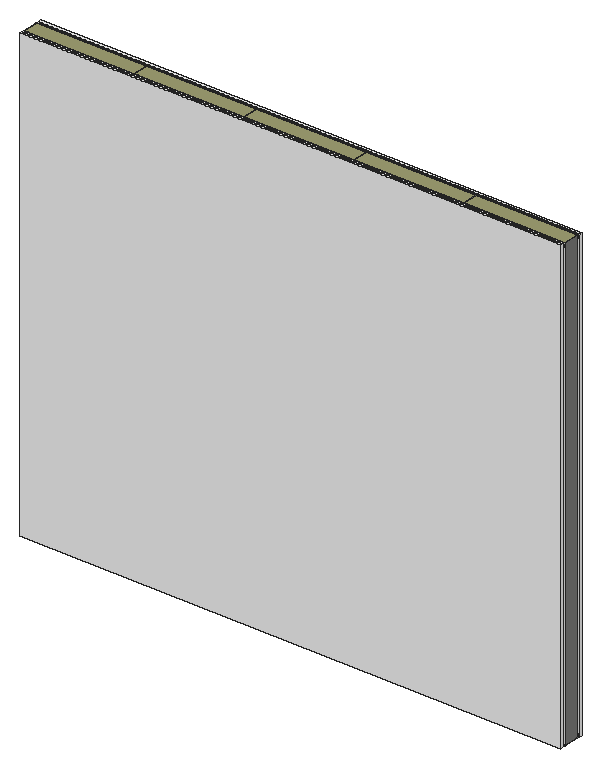
Revit family "NoiseBREAK (R2.5)", category Structural Stiffeners, Revit 2020
Family settings
  OmniClass Number = 23.25.30.11.27
  OmniClass Title = Vibration and Earthquake Controls
  Cut with Voids When Loaded = No
  Shared = No
Parameters (values of type "R2.5 - NoiseBREAK")
  URL = "www.ecowool.com.my"
  U-Value W/m2k = 0 mm
  U Value Report = ""
  Typical weight of ECOWOOL-Kg/M2 = 0 mm
  Type of Insulation = "Glass Mineral Wool Blanket with vapour barrier"
  Total System Thickness-mm = 90 mm
  Thermal R Value = 2.5
  Thermal K Value = 0.0342
  SubW [instance] = roundup([built-in parameter 1001306] / 609 mm) * 609 mm  # 3045 mm
  SubL [instance] = if([built-in parameter 1001306] > 1218 mm, No Insulation * 609 mm, if([built-in parameter 1001306] > 609 mm, 609 mm, if([built-in parameter 1001306] > 0 mm, 0 mm, No Insulation * 609 mm))) + 1 mm  # 2437 mm
  Remarks = ""
  No Metal Stud [instance] = ([built-in parameter 1001306] / [Metal Stud Spacer (mm)])  # 5
  No Insulation [instance] = roundup(SubW / 609 mm) - 1  # 4
  Model = "NoiseBREAK"
  Metal Stud Width = [Insulation Thickness (mm)]  # 90 mm
  Metal Stud Spacer (mm) = 609 mm
  Material Specification = ""
  Manufacturer = "PGF Insulation Sdn. Bhd."
  built-in parameter 1001306 [instance] = 3000 mm
  Insulation Length (mm) = 609 mm
  Insulation Thickness (mm) = 90 mm
  Installation and Workmanship- Same for all the system = ""
  Height Wall (mm) = 2500 mm
  Handling and Storage- Same for all system = ""
  Gypsum Thickness (mm) = 12.5 mm
  Finish = NoiseBREAK
  FAQ- Same for all System = ""
  ECOWOOL Product thickness in mm = "90mm x 24kg/m3"
  Description = "Ecowool NoiseBREAK is semi-rigid or rigid slabs of non-combustible, water repellent, glass mineral wool. They are designed to suit internal walls and ceiling of residential, commercial and industrial buildings. Excellent thermal, acoustic and fire safety performance."
  Density = 24.00 kg/m³
  AutoCad Drawing = ""
Reference planes
  plane 1 "Center (Front/Back)": y = -12.5
  plane 2: z = 0
  plane 3 "Left": x = 0
  plane 4 "Right": x = 3000
  plane 5: z = 2500
  plane 6: x = 2437
  plane 7: x = 3046
Forms (mm)
  Extrusion 1, solid, material "NoiseBREAK" <- "Finish"
    sketch origin (0, 0, 0) x (1, 0, 0) y (0, 1, 0)
      loop
        line (2437, 32.5) -> (2437, -57.5) -> (3046, -57.5) -> (3046, 32.5) -> (2437, 32.5)
    from 0 to 2500
  Extrusion 2, void
    sketch origin (0, 0, 0) x (1, 0, 0) y (0, 1, 0)
      loop
        line (2999, 32.5) -> (2999, -57.5) -> (3046, -57.5) -> (3046, 32.5) -> (2999, 32.5)
    from -45.694 to 2779.923
Cuts and joins
  Extrusion 2 cuts Extrusion 1
Lines and regions (mm)
  reference lines
    curve 1: line (0, -12.5, 0) -> (3000, -12.5, 0)
Dimensions and locks
  "built-in parameter 1001306": plane 3 "Left" to plane 4 "Right"
  "Height Wall (mm)": plane 5 to level
  equal spacing: group 1, group 2, group 3, group 4, group 5  (x3)
  "Metal Stud Spacer (mm)": plane 3 "Left" to nested 3
  "SubL": plane 3 "Left" to plane 6
  locked: plane 6 to plane 7 at 609
  equal spacing: Extrusion 1 sketch curve, plane 1 "Center (Front/Back)", Extrusion 1 sketch curve
  "Insulation Thickness (mm)": Extrusion 1 sketch curve to Extrusion 1 sketch curve
  equal spacing: Extrusion 1, plane 1 "Center (Front/Back)", Extrusion 2 sketch curve
  "Insulation Thickness (mm)": Extrusion 2 sketch curve to Extrusion 2 sketch curve
  locked: Extrusion 2 sketch curve to plane 4 "Right" at 1
  plane 4 "Right" to plane 7 = 46 mm
  plane 6 to plane 4 "Right" = 563 mm
  equal spacing: group 6, group 7, group 8, group 9  (x3)
  equal spacing: Extrusion 2 sketch curve, Extrusion 2 sketch curve, nested 1
  aligned and locked: plane 4 "Right" to curve 1
  aligned and locked: plane 1 "Center (Front/Back)" to curve 1
  aligned and locked: plane 3 "Left" to curve 1
  aligned and locked: plane 3 "Left" to nested 1
  aligned and locked: plane 4 "Right" to nested 1
  aligned and locked: plane 5 to nested 2
  aligned and locked: plane 3 "Left" to nested 6
  aligned and locked: nested 8 to plane 4 "Right"
  aligned and locked: plane 1 "Center (Front/Back)" to nested 1
  aligned and locked: plane 1 "Center (Front/Back)" to nested 2
  aligned and locked: plane 1 "Center (Front/Back)" to nested 6
  aligned and locked: nested 8 to plane 1 "Center (Front/Back)"
  aligned and locked: nested 10 to nested 2
  aligned and locked: plane 1 "Center (Front/Back)" to nested 10
  aligned and locked: plane 7 to Extrusion 1 sketch curve
  aligned and locked: Extrusion 1 sketch curve to plane 6
  aligned and locked: plane 5 to Extrusion 1
  aligned and locked: Extrusion 1 to level
Automatic sketch dimensions
  Extrusion 2 sketch curve to plane 7 = 0 mm
Nested families
  nested 1: "Gypsum Plasterboard" at (0, -12.5, 0), type "Gypsum Plasterboard"
    with built-in parameter 1001306 3000 mm, Insulation Width 90 mm
  nested 2: "Metal Stud" at (0, -12.5, 0), type "Metal Stud"
    with Metal Stud Width 90 mm
  nested 3: "Metal Stud" at (609, -12.5, 0), type "Metal Stud"
    with Metal Stud Width 90 mm
  nested 4: "Metal Stud" at (1218, -12.5, 0), type "Metal Stud"
    with Metal Stud Width 90 mm
  nested 5: "Metal Stud" at (1827, -12.5, 0), type "Metal Stud"
    with Metal Stud Width 90 mm
  nested 6: "Metal Runner" at (0, -12.5, 0), type "Metal Runner"
    with Metal Runner Width 90 mm, Length Metal Runner 3000 mm
  nested 7: "Metal Runner" at (0, -12.5, 2500) x (1, 0, 0) z (0, 0, -1), type "Metal Runner"
    with Metal Runner Width 90 mm, Length Metal Runner 3000 mm
  nested 8: "Metal Stud" at (3000, -12.5, 0) x (-1, 0, 0) z (0, 0, 1), type "Metal Stud"
    with Metal Stud Width 90 mm
  nested 9: "Metal Stud" at (2436, -12.5, 0), type "Metal Stud"
    with Metal Stud Width 90 mm
  nested 10: "Insulation Brownie" at (1, -12.5, 0), type "Insulation Brownie"
    with Thickness Insulation 90 mm
  nested 11: "Insulation Brownie" at (610, -12.5, 0), type "Insulation Brownie"
    with Thickness Insulation 90 mm
  nested 12: "Insulation Brownie" at (1219, -12.5, 0), type "Insulation Brownie"
    with Thickness Insulation 90 mm
  nested 13: "Insulation Brownie" at (1828, -12.5, 0), type "Insulation Brownie"
    with Thickness Insulation 90 mm
Definition of nested family "Gypsum Plasterboard"
  Parameters (values of type "Gypsum Plasterboard")
    Manufacturer = "Rockwool"
    built-in parameter 1001306 [instance] = 1200 mm
    Insulation Width = 50 mm
    Height Wall = 2500 mm
    Gypsum Thickness = 12.5 mm
    Description = "Double layers wall system - Rigislab 5020"
  Reference planes
    plane 1 "Center (Front/Back)": y = 0
    plane 2: z = 0
    plane 3 "Left": x = 0
    plane 4 "Right": x = 1200
    plane 5: y = 25
    plane 6: y = -25
    plane 7: z = 2500
  Forms (mm)
    Sweep 1, solid
      path origin (0, 0, 0) x (1, 0, 0) y (0, 1, 0)
        loop
          line (0, 0) -> (1200, 0)
      profile origin (600, 0, 0) x (0, 1, 0) y (0, 0, 1)
        loop
          line (-25, 2500) -> (-37.5, 2500) -> (-37.5, 0) -> (-25, 0) -> (-25, 2500)
    Sweep 2, solid
      path origin (0, -12.5, 0) x (1, 0, 0) y (0, 1, 0)
        loop
          line (0, 0) -> (1200, 0)
      profile origin (600, -12.5, 0) x (0, 1, 0) y (0, 0, 1)
        loop
          line (-25, 2500) -> (-37.5, 2500) -> (-37.5, 0) -> (-25, 0) -> (-25, 2500)
    Sweep 3, solid
      path origin (0, 0, 0) x (1, 0, 0) y (0, -1, 0)
        loop
          line (0, 0) -> (1200, 0)
      profile origin (600, 0, 0) x (0, 1, 0) y (0, 0, 1)
        loop
          line (25, 2500) -> (25, 0) -> (37.5, 0) -> (37.5, 2500) -> (25, 2500)
    Sweep 4, solid
      path origin (0, 12.5, 0) x (1, 0, 0) y (0, -1, 0)
        loop
          line (0, 0) -> (1200, 0)
      profile origin (600, 12.5, 0) x (0, 1, 0) y (0, 0, 1)
        loop
          line (25, 2500) -> (25, 0) -> (37.5, 0) -> (37.5, 2500) -> (25, 2500)
  Lines and regions (mm)
    reference lines
      curve 1: line (0, 0, 0) -> (1200, 0, 0)
  Dimensions and locks
    "built-in parameter 1001306": plane 3 "Left" to plane 4 "Right"
    "Insulation Width": plane 6 to plane 5
    "built-in parameter 1001306": Sweep 1 sketch curve to Sweep 1 sketch curve
    "Gypsum Thickness": Sweep 1 sketch curve to Sweep 1 sketch curve
    "Height Wall": level to plane 7
    "built-in parameter 1001306": Sweep 2 sketch curve to Sweep 2 sketch curve
    "Gypsum Thickness": Sweep 2 sketch curve to Sweep 2 sketch curve
    "built-in parameter 1001306": Sweep 3 sketch curve to Sweep 3 sketch curve
    "Gypsum Thickness": Sweep 3 sketch curve to Sweep 3 sketch curve
    "built-in parameter 1001306": Sweep 4 sketch curve to Sweep 4 sketch curve
    "Gypsum Thickness": Sweep 4 sketch curve to Sweep 4 sketch curve
    equal spacing: plane 6, plane 1 "Center (Front/Back)", plane 5
    aligned and locked: plane 4 "Right" to curve 1
    aligned and locked: plane 1 "Center (Front/Back)" to curve 1
    aligned and locked: plane 3 "Left" to curve 1
    aligned and locked: Sweep 1 sketch curve to plane 6
    aligned and locked: Sweep 1 sketch curve to plane 7
    aligned and locked: Sweep 1 to Sweep 2
    aligned and locked: Sweep 4 to Sweep 3
    aligned and locked: plane 5 to Sweep 3
    aligned and locked: Sweep 4 to Sweep 4
    aligned and locked: plane 7 to Sweep 2 sketch curve
    aligned and locked: Sweep 3 sketch curve to plane 7
    aligned and locked: Sweep 4 sketch curve to plane 7
  Automatic sketch dimensions
    plane 1 "Center (Front/Back)" to Sweep 1 sketch curve = 0 mm
    Sweep 1 sketch curve to plane 3 "Left" = 0 mm
    Sweep 1 sketch curve to level = 0 mm
    Sweep 2 sketch curve to plane 3 "Left" = 0 mm
    plane 1 "Center (Front/Back)" to Sweep 2 sketch curve = 12.5 mm
    Sweep 2 sketch curve to level = 0 mm
    profile plane to Sweep 2 sketch curve = 37.5 mm
    plane 1 "Center (Front/Back)" to Sweep 3 sketch curve = 0 mm
    Sweep 3 sketch curve to plane 3 "Left" = 0 mm
    Sweep 3 sketch curve to level = 0 mm
    Sweep 3 sketch curve to profile plane = 25 mm
    Sweep 4 sketch curve to plane 3 "Left" = 0 mm
    plane 1 "Center (Front/Back)" to Sweep 4 sketch curve = 12.5 mm
    Sweep 4 sketch curve to level = 0 mm
    Sweep 4 sketch curve to profile plane = 25 mm
Definition of nested family "Metal Stud"
  Parameters (values of type "Metal Stud")
    Metal Stud Width = 50 mm
    Height = 2500 mm
  Reference planes
    plane 1 "Center (Front/Back)": y = 0
    plane 2: z = 0
    plane 3 "Center (Left/Right)": x = 0
    plane 4 "Center L/S": y = 25
    plane 5 "Center L/T": y = -25
    plane 6: z = 1
    plane 7: z = 2500
    plane 8: z = 2499
  Forms (mm)
    Extrusion 1, solid
      sketch origin (0, 0, 0) x (1, 0, 0) y (0, 1, 0)
        loop
          line (0, 25) -> (0, -25) -> (20, -25) -> (20, -24) -> (1, -24) -> (1, 24) -> (20, 24) -> (20, 25) -> (0, 25)
      from 1 to 2499
  Dimensions and locks
    Extrusion 1 sketch curve to Extrusion 1 sketch curve = 1 mm  (x3)
    locked: plane 8 to plane 7 at 1
    plane 1 "Center (Front/Back)" to Extrusion 1 = 25 mm
    "Height": plane 7 to level
    "Metal Stud Width": plane 5 "Center L/T" to plane 4 "Center L/S"
    equal spacing: plane 5 "Center L/T", plane 1 "Center (Front/Back)", plane 4 "Center L/S"
    locked: plane 6 to plane 2 at 1
    aligned and locked: plane 4 "Center L/S" to Extrusion 1
    aligned and locked: plane 5 "Center L/T" to Extrusion 1
    aligned and locked: plane 3 "Center (Left/Right)" to Extrusion 1
    aligned and locked: Extrusion 1 to plane 6
    aligned and locked: plane 8 to Extrusion 1
  Automatic sketch dimensions
    Extrusion 1 sketch curve to plane 3 "Center (Left/Right)" = 0 mm
    plane 4 "Center L/S" to Extrusion 1 sketch curve = 0 mm
    plane 5 "Center L/T" to Extrusion 1 sketch curve = 0 mm
    Extrusion 1 sketch curve to Extrusion 1 sketch curve = 19 mm  (x2)
Definition of nested family "Metal Runner"
  Parameters (values of type "Metal Runner")
    Metal Runner Width = 48 mm
    Length Metal Runner = 2460 mm
    Default Elevation = 1219.2 mm
  Reference planes
    plane 1 "Center (Front/Back)": y = 0
    plane 2: z = 0
    plane 3 "Center (Left/Right)": x = 0
    plane 4 "Center L/S": y = 24
    plane 5 "Center L/T": y = -24
  Forms (mm)
    Extrusion 1, solid
      sketch origin (0, 0, 0) x (0, 1, 0) y (0, 0, 1)
        loop
          line (24, 0) -> (24, 20) -> (23, 20) -> (23, 1) -> (-23, 1) -> (-23, 20) -> (-24, 20) -> (-24, 0) -> (24, 0)
      from 0 to 2460
  Dimensions and locks
    "Metal Runner Width": plane 5 "Center L/T" to plane 4 "Center L/S"
    equal spacing: plane 5 "Center L/T", plane 1 "Center (Front/Back)", plane 4 "Center L/S"
    Extrusion 1 sketch curve to Extrusion 1 sketch curve = 1 mm  (x3)
    "Length Metal Runner": Extrusion 1 to Extrusion 1
    aligned and locked: plane 4 "Center L/S" to Extrusion 1 sketch curve
    aligned and locked: Extrusion 1 sketch curve to level
    aligned and locked: plane 5 "Center L/T" to Extrusion 1 sketch curve
  Automatic sketch dimensions
    Extrusion 1 sketch curve to Extrusion 1 sketch curve = 19 mm  (x2)
Definition of nested family "Insulation Brownie"
  Parameters (values of type "Insulation Brownie")
    Thickness Insulation = 75 mm
    Length of Insulation = 609 mm
    Height of Insulation = 2500 mm
    Finish = none
  Reference planes
    plane 1 "Center (Front/Back)": y = 0
    plane 2: z = 0
    plane 3 "Center (Left/Right)": x = 0
    plane 4: z = 2500
    plane 5: y = 37.5
    plane 6: y = -37.5
  Forms (mm)
    Sweep 1, solid, material <- "Finish"
      path origin (0, 0, 0) x (1, 0, 0) y (0, 1, 0)
        loop
          line (0, 0) -> (609, 0)
      profile origin (304.5, 0, 0) x (0, 1, 0) y (0, 0, 1)
        loop
          line (37.5, 2500) -> (-37.5, 2500) -> (-37.5, 0) -> (37.5, 0) -> (37.5, 2500)
  Dimensions and locks
    "Length of Insulation": Sweep 1 sketch curve to Sweep 1 sketch curve
    "Height of Insulation": plane 4 to level
    equal spacing: plane 5, plane 1 "Center (Front/Back)", plane 6
    "Thickness Insulation": plane 5 to plane 6
    aligned and locked: plane 3 "Center (Left/Right)" to Sweep 1 sketch curve
    aligned and locked: plane 5 to Sweep 1 sketch curve
    aligned and locked: Sweep 1 sketch curve to plane 6
  Automatic sketch dimensions
    plane 1 "Center (Front/Back)" to Sweep 1 sketch curve = 0 mm
    Sweep 1 sketch curve to level = 0 mm
    Sweep 1 sketch curve to plane 4 = 0 mm
